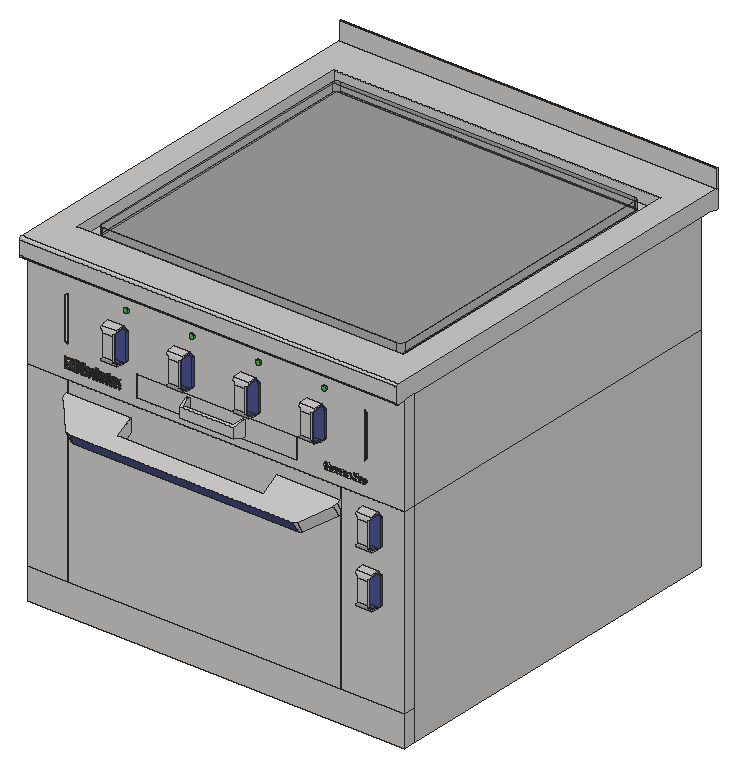
Revit family "QF_ELECTROLUXPROFESSIONAL_588696_MBTGGBH8AO", category Attrezzature speciali, Revit 2020
Family settings
  Quota connettore circolare = Usa diametro
  Tipo di parte = Normale
  Basato su piano di lavoro = No
  Sempre verticale = Sì
  Taglio con vuoti quando caricato = No
  Condiviso = No
  Punto di calcolo locali = No
Parameters (values of type "Standard")
  Weight = 223.00 kg
  Watts = 17300 W
  Volts = 400 V
  URL Manufacturer = "https://www.electroluxprofessional.com/"
  URL = "https://www.electroluxprofessional.com/"
  Steam Supply Size = 0"
  Steam Supply Minimum Pressure = 0.00 psi
  Steam Supply Maximum Pressure = 0.00 psi
  Steam Consumption per Hour = 0
  Refrigeration Suction Line Size = 0 mm
  Refrigeration Liquid Line Size = 0 mm
  Refrigerant Compressor Remote = yes
  Prospetto di default = 0 mm
  Phase = 3
  Modello = "MBTGGBH8AO"
  Produttore = "Electrolux Professional"
  Length Actual = 800 mm  # constant formula
  Item Number = "588696"
  Hot Water Size = 0"
  Height Actual = 700 mm  # constant formula
  HP = "23.2 HP"
  Gas Size = 0"
  Gas KW = 0
  Gas Input Pressure = 0.0 Btu/h
  Direct Waste Size = 0"
  Descrizione = "EL.FREE COOK.ST.OVEN,1S,BS,800X850X700H"
  Depth Actual = 850 mm  # constant formula
  Cycle = 50 Hz
  Condensate Return Size = 0"
  Compressed Air Volume = 0 GPM
  Compressed Air Size = 0"
  Compressed Air Pressure = 0.00 psi
  Cold Water Size = 0"
  Accessory = yes
Reference planes
  plane 1 "BACK": y = 50
  plane 2: z = 0
  plane 3 "LEFT": x = 0
  plane 4 "RIGHT": x = 800
  plane 5 "FRONT": y = -800
  plane 6 "TOP": z = 900
  plane 7 "Center (Left/Right)": x = 400
  plane 8: y = -375
  plane 9: z = 200
  plane 10: y = -150
  plane 11 "Panel": y = -755
  plane 12: z = 798
  plane 13: z = 1327
  plane 14: x = 78
  plane 15: x = 722
  plane 16: y = -100
  plane 17: y = -600
  plane 18 "EIx": x = 755
  plane 19 "EIy": y = -585
Forms (mm)
  Extrusion 1, solid, material "QF_Finishes_Stainless Steel"
    sketch origin (-178.969, -4572, 200) x (-1, 0, 0) y (0, -1, 0)
      loop
        line (-178.969, -4577) -> (-178.969, -3817) -> (-978.969, -3817) -> (-978.969, -4577) -> (-178.969, -4577)
    from 450 to 662.969
  Extrusion 2, solid, material "QF_Finishes_Stainless Steel"
    sketch origin (0, 0, 0) x (0, 1, 0) y (0, 0, 1)
      loop
        line (-755, 200) -> (-755, 265) -> (-780, 265) -> (-780, 200) -> (-755, 200)
    from 0 to 800
  Extrusion 3, solid, material "QF_Finishes_Stainless Steel"
    sketch origin (-588.969, -4562, 200) x (-1, 0, 0) y (0, -1, 0)
      loop
        circle (-1343.969, -3977) r 6.35
    from 0 to -11.851
  Extrusion 4, solid, material "QF_Finishes_Stainless Steel"
    sketch origin (400, 296.4, 1219.2) x (0, 1, 0) y (0, 0, 1)
      loop
        line (-246.4, -319.2) -> (-1091.4, -319.2)
        arc (-1091.4, -319.2) -> (-1094.935, -320.664) -> (-1096.4, -324.2) r 5
        line (-1096.4, -324.2) -> (-1096.4, -355.2)
        arc (-1096.4, -355.2) -> (-1094.971, -358.264) -> (-1091.705, -359.139) r 4
        line (-1091.705, -359.139) -> (-1076.4, -356.231) -> (-266.4, -356.231) -> (-251.094, -359.139)
        arc (-251.094, -359.139) -> (-247.829, -358.264) -> (-246.4, -355.2) r 4
        line (-246.4, -355.2) -> (-246.4, -319.2)
    from -400 to 400
  Extrusion 5, solid, material "QF_Finishes_Electrolux_Black Smoke Iluminated"
    sketch origin (0, 0, 900) x (-1, 0, 0) y (0, -1, 0)
      loop
        arc (-88, 59) -> (-80.929, 61.929) -> (-78, 69) r 10
        line (-78, 69) -> (-78, 680)
        arc (-78, 680) -> (-80.929, 687.071) -> (-88, 690) r 10
        line (-88, 690) -> (-712, 690)
        arc (-712, 690) -> (-719.071, 687.071) -> (-722, 680) r 10
        line (-722, 680) -> (-722, 69)
        arc (-722, 69) -> (-719.071, 61.929) -> (-712, 59) r 10
        line (-712, 59) -> (-88, 59)
    from 0 to -20
  Extrusion 6, solid, material "QF_Finishes_Stainless Steel"
    sketch origin (-178.969, -4572, 200) x (-1, 0, 0) y (0, -1, 0)
      loop
        line (-178.969, -4577) -> (-178.969, -3817) -> (-978.969, -3817) -> (-978.969, -4577) -> (-178.969, -4577)
    from 450 to 0
  Extrusion 7, void
    sketch origin (0, 0, 900) x (-1, 0, 0) y (0, -1, 0)
      loop
        line (-53, 715) -> (-747, 715) -> (-747, 34) -> (-53, 34) -> (-53, 715)
    from 0 to -25
  Extrusion 8, solid, material "QF_Finishes_Stainless Steel"
    sketch origin (0, 0, 900) x (-1, 0, 0) y (0, -1, 0)
      loop
        line (-82, 63) -> (-82, 686) -> (-718, 686) -> (-718, 63) -> (-82, 63)
    from -20 to -25
  Extrusion 9, solid, material "QF_Finishes_Stainless Steel"
    sketch origin (400, 296.4, 1219.2) x (0, 1, 0) y (0, 0, 1)
      loop
        line (-249.4, -319.2) -> (-246.4, -319.2) -> (-246.4, -281.2) -> (-249.4, -281.2) -> (-249.4, -319.2)
    from -400 to 400
  Extrusion 10, solid, material "QF_Finishes_Stainless Steel"
    sketch origin (0, 0, 150) x (0, 1, 0) y (0, 0, 1)
      loop
        line (-755, 50) -> (-755, 115) -> (-780, 115) -> (-780, 50) -> (-755, 50)
    from 0 to 800
Cuts and joins
  Extrusion 7 cuts Extrusion 4
Lines and regions (mm)
  symbolic lines
    curve 1: line (0, 50, 200) -> (800, 50, 200)
    curve 2: line (0, -800, 200) -> (0, 50, 200)
    curve 3: line (800, -800, 200) -> (0, -800, 200)
    curve 4: line (800, 50, 200) -> (800, -800, 200)
    curve 5: line (712, -59, 200) -> (88, -59, 200)
    curve 6: line (78, -69, 200) -> (78, -680, 200)
    curve 7: line (88, -690, 200) -> (712, -690, 200)
    curve 8: line (722, -680, 200) -> (722, -69, 200)
    curve 9: arc (88, -59, 200) -> (80.929, -61.929, 200) -> (78, -69, 200) r 10
    curve 10: arc (722, -69, 200) -> (719.071, -61.929, 200) -> (712, -59, 200) r 10
    curve 11: arc (712, -690, 200) -> (719.071, -687.071, 200) -> (722, -680, 200) r 10
    curve 12: arc (78, -680, 200) -> (80.929, -687.071, 200) -> (88, -690, 200) r 10
    curve 13: line (747, -34, 900) -> (53, -34, 900)
    curve 14: line (53, -34, 900) -> (53, -715, 900)
    curve 15: line (747, -715, 900) -> (747, -34, 900)
    curve 16: line (53, -715, 900) -> (747, -715, 900)
    curve 17: line (0, 47, 0) -> (800, 47, 0)
Dimensions and locks
  plane 3 "LEFT" to plane 4 "RIGHT" = 800 mm
  plane 5 "FRONT" to plane 1 "BACK" = 850 mm
  equal spacing: plane 3 "LEFT", plane 7 "Center (Left/Right)", plane 4 "RIGHT"
  equal spacing: plane 5 "FRONT", plane 8, plane 1 "BACK"
  plane 6 "TOP" to level = 900 mm  (x2)
  plane 9 to level = 200 mm
  plane 1 "BACK" to plane 10 to plane 11 "Panel" = 200 mm, 605 mm  (x2)
  plane 6 "TOP" to plane 9 to level = 700 mm, 200 mm
  plane 1 "BACK" to plane 5 "FRONT" = 850 mm
  plane 1 "BACK" to Extrusion 3 = 635 mm
  plane 12 to plane 9 = 598 mm
  plane 13 to plane 6 "TOP" = 427 mm
  plane 6 "TOP" to plane 12 = 102 mm
  plane 14 to plane 3 "LEFT" = 78 mm
  plane 15 to plane 4 "RIGHT" = 78 mm
  locked: plane 1 "BACK" to plane 16 at 150
  locked: plane 16 to plane 17 at 500
  plane 11 "Panel" to plane 5 "FRONT" = 45 mm
  plane 18 "EIx" to plane 4 "RIGHT" = 45 mm
  plane 19 "EIy" to plane 1 "BACK" = 635 mm
  aligned and locked: level to plane 2
  aligned and locked: Extrusion 2 to plane 4 "RIGHT"
  aligned and locked: plane 3 "LEFT" to nested 1
  aligned and locked: nested 1 to nested 4
Automatic sketch dimensions
  Extrusion 3 sketch curve to plane 18 "EIx" = 0 mm
  Extrusion 3 sketch curve to plane 19 "EIy" = 0 mm
  Extrusion 4 sketch curve to plane 5 "FRONT" = 0 mm
  Extrusion 4 sketch curve to plane 6 "TOP" = 0 mm
  Extrusion 4 sketch curve to plane 1 "BACK" = 0 mm
  Extrusion 4 sketch curve to plane 5 "FRONT" = 4 mm
  Extrusion 4 sketch curve to Extrusion 4 sketch curve = 0.695 mm
  Extrusion 4 sketch curve to plane 5 "FRONT" = 5 mm
  Extrusion 4 sketch curve to Extrusion 4 sketch curve = 15.305 mm
  plane 1 "BACK" to Extrusion 4 sketch curve = 20 mm
  plane 1 "BACK" to Extrusion 4 sketch curve = 4.695 mm
  Extrusion 4 sketch curve to Extrusion 4 sketch curve = 4 mm
  Extrusion 4 sketch curve to Extrusion 4 sketch curve = 31 mm
  Extrusion 4 sketch curve to plane 6 "TOP" = 36 mm
  Extrusion 4 sketch curve to Extrusion 4 sketch curve = 2.909 mm
  Extrusion 5 sketch curve to plane 15 = 0 mm
  Extrusion 5 sketch curve to plane 14 = 0 mm
  plane 15 to Extrusion 5 sketch curve = 10 mm  (x2)
  Extrusion 5 sketch curve to Extrusion 5 sketch curve = 10 mm  (x2)
  plane 10 to Extrusion 5 sketch curve = 91 mm
  plane 17 to Extrusion 5 sketch curve = 80 mm
  plane 18 "EIx" to Extrusion 7 sketch curve = 8 mm
  plane 14 to Extrusion 7 sketch curve = 25 mm
  plane 10 to Extrusion 7 sketch curve = 116 mm
  plane 11 "Panel" to Extrusion 7 sketch curve = 40 mm
  Extrusion 8 sketch curve to plane 14 = 4 mm
  plane 15 to Extrusion 8 sketch curve = 4 mm
  plane 17 to Extrusion 8 sketch curve = 86 mm
  plane 10 to Extrusion 8 sketch curve = 87 mm
  plane 18 "EIx" to curve 13 = 8 mm
  plane 14 to curve 14 = 25 mm
  plane 10 to curve 13 = 116 mm
  plane 11 "Panel" to curve 16 = 40 mm
  Extrusion 9 sketch curve to plane 6 "TOP" = 0 mm
  Extrusion 9 sketch curve to plane 1 "BACK" = 0 mm
  Extrusion 9 sketch curve to Extrusion 9 sketch curve = 3 mm
  Extrusion 9 sketch curve to Extrusion 9 sketch curve = 38 mm
  Extrusion 1 sketch curve to plane 4 "RIGHT" = 0 mm
  Extrusion 1 sketch curve to plane 3 "LEFT" = 0 mm
  Extrusion 1 sketch curve to plane 11 "Panel" = 0 mm
  plane 1 "BACK" to Extrusion 1 sketch curve = 45 mm
  Extrusion 2 sketch curve to plane 9 = 0 mm
  Extrusion 2 sketch curve to plane 11 "Panel" = 0 mm
  Extrusion 2 sketch curve to plane 5 "FRONT" = 20 mm
  plane 9 to Extrusion 2 sketch curve = 65 mm
  plane 1 "BACK" to curve 1 = 0 mm
  curve 1 to plane 4 "RIGHT" = 0 mm
  curve 8 to plane 15 = 0 mm
  curve 6 to plane 14 = 0 mm
  curve 2 to plane 3 "LEFT" = 0 mm
  plane 5 "FRONT" to curve 3 = 0 mm
  plane 15 to curve 5 = 10 mm
  curve 11 to curve 11 = 10 mm
  curve 5 to plane 14 = 10 mm
  curve 12 to curve 6 = 10 mm
  plane 10 to curve 5 = 91 mm
  plane 17 to curve 11 = 80 mm
  Extrusion 6 sketch curve to plane 4 "RIGHT" = 0 mm
  Extrusion 6 sketch curve to plane 3 "LEFT" = 0 mm
  Extrusion 6 sketch curve to plane 11 "Panel" = 0 mm
  plane 1 "BACK" to Extrusion 6 sketch curve = 45 mm
  Extrusion 10 sketch curve to plane 11 "Panel" = 0 mm
  Extrusion 10 sketch curve to plane 5 "FRONT" = 20 mm
  plane 9 to Extrusion 10 sketch curve = 0 mm
  Extrusion 10 sketch curve to Extrusion 10 sketch curve = 65 mm
  radius of Extrusion 3 sketch curve = 6.35 mm
Nested families
  nested 1: "Door_Panel_W800_A" at (300, -755, 0), type "Door_Panel_W800_A"
  nested 2: "FIT Range Control Handle" at (730, -783.167, -372.751), type "FIT Range Control Handle"
  nested 3: "FIT Range Control Handle" at (730, -783.167, -484.751), type "FIT Range Control Handle"
  nested 4: "Front_Panel_W800_Four Knobs_Spie" at (202.376, -755, 0), type "Front_Panel_W800_Four Knobs_Spie"
Connectors
  electrical at (755, -585, 188.149)
    settings: on Extrusion 3, index 1, voltage 400 V, apparent load 33000 VA, apparent load phase1 0 VA, apparent load phase2 0 VA, apparent load phase3 0 VA, power factor 1, load classification "Other", number of poles 1, system type 30, power factor state 1, is connector primary yes, connector utility no, sub classification motor no, connector description "ELECTRICAL CONNECTION"
Definition of nested family "Door_Panel_W800_A"
  Parameters
    Default Elevation = 0 mm
  Reference planes
    plane 1 "Center (Front/Back)": y = 0
    plane 2 "Ref. Level": z = 0
    plane 3: x = 500
    plane 4: x = -300
    plane 5 "Center (Left/Right)": x = 100
    plane 6: x = -215
    plane 7: x = 365
    plane 8 "Manopola": through (-6096, -50.059, 612.389) normal (0, -0.515, 0.8572)
    plane 9 "Top": z = 650
    plane 10: z = 265
    plane 11: z = 200
  Forms (mm)
    Extrusion 1, solid
      sketch origin (100, 0, 0) x (0, 1, 0) y (0, 0, 1)
        loop
          line (-25.03, 650) -> (-25.03, 265) -> (0, 265) -> (0, 650) -> (-25.03, 650)
      from 265 to 400
    Extrusion 2, solid
      sketch origin (100, 0, 0) x (0, 1, 0) y (0, 0, 1)
        loop
          line (-25.03, 650) -> (-25.03, 265) -> (0, 265) -> (0, 650) -> (-25.03, 650)
      from -400 to -315
    Extrusion 3, solid
      sketch origin (100, 0, 0) x (0, 1, 0) y (0, 0, 1)
        loop
          line (-25.03, 650) -> (-25.03, 265) -> (0, 265) -> (0, 650) -> (-25.03, 650)
      from -315 to 265
    Extrusion 4, solid
      sketch origin (0, -283.633, 472.044) x (0, 0.857167, 0.515038) y (-1, 0, 0)
        loop
          line (299.12, -365) -> (299.12, 215) -> (290.982, 215)
          arc (290.982, 215) -> (286.677, 214.026) -> (283.211, 211.293) r 10
          line (283.211, 211.293) -> (233.28, 170.86)
          arc (233.28, 170.86) -> (230.548, 167.394) -> (229.574, 163.089) r 10
          line (229.574, 163.089) -> (229.574, -313.089)
          arc (229.574, -313.089) -> (230.548, -317.394) -> (233.28, -320.86) r 10
          line (233.28, -320.86) -> (283.211, -361.293)
          arc (283.211, -361.293) -> (286.677, -364.026) -> (290.982, -365) r 10
          line (290.982, -365) -> (299.12, -365)
      from -27 to 0
    Extrusion 5, void
      sketch origin (100, 0, 0) x (0, 1, 0) y (0, 0, 1)
        loop
          line (-61.514, 605.507) -> (-47.608, 582.363) -> (-25.03, 595.93) -> (-25.03, 627.429) -> (-61.514, 605.507)
      from -180 to 130
    Extrusion 6, solid, detail levels coarse
      sketch origin (100, 0, 0) x (0, 1, 0) y (0, 0, 1)
        loop
          line (-25.03, 265) -> (-25.03, 650)
          arc (-25.03, 650) -> (-297.266, 537.236) -> (-410.03, 265) r 385
          line (-410.03, 265) -> (-25.03, 265)
      from -315 to 265
  Cuts and joins
    Extrusion 5 cuts Extrusion 4
    joined: Extrusion 3, Extrusion 4
  Lines and regions (mm)
    symbolic lines
      curve 1: line (-207.355, -45.043, 0) -> (-170.86, -83.673, 0)
      curve 2: line (-163.089, -86.85, 0) -> (313.089, -86.85, 0)
      curve 3: line (320.86, -83.673, 0) -> (357.355, -45.043, 0)
      curve 4: arc (-163.089, -86.85, 0) -> (-167.318, -86.101, 0) -> (-170.86, -83.673, 0) r 10.165
      curve 5: arc (313.089, -86.85, 0) -> (317.318, -86.101, 0) -> (320.86, -83.673, 0) r 10.165
      curve 6: line (-215, -45.043, 0) -> (-215, -410.03, 0)
      curve 7: line (-215, -410.03, 0) -> (365, -410.03, 0)
      curve 8: line (365, -410.03, 0) -> (365, -45.03, 0)
  Dimensions and locks
    plane 3 to plane 4 = 800 mm
    plane 4 to plane 3 = 800 mm
    equal spacing: plane 3, plane 5 "Center (Left/Right)", plane 4
    plane 6 to plane 4 = 85 mm
    plane 3 to plane 7 = 135 mm
    plane 11 to level = 200 mm
    plane 10 to plane 11 = 65 mm
    plane 10 to plane 9 "Top" = 385 mm
    plane 9 "Top" to plane 11 = 450 mm
    aligned and locked: plane 3 to Extrusion 1
    aligned and locked: cut or joined group of Extrusion 3, Extrusion 4, Extrusion 5 to plane 6
    aligned and locked: cut or joined group of Extrusion 3, Extrusion 4, Extrusion 5 to plane 7
    aligned and locked: plane 7 to Extrusion 1
    aligned and locked: plane 6 to Extrusion 2
    aligned and locked: Extrusion 2 to plane 4
    aligned and locked: plane 10 to Extrusion 2
    aligned and locked: plane 10 to cut or joined group of Extrusion 3, Extrusion 4, Extrusion 5
    aligned and locked: plane 10 to Extrusion 1
    aligned and locked: Extrusion 6 to plane 6
    aligned and locked: Extrusion 6 to plane 7
  Automatic sketch dimensions
    Extrusion 5 sketch curve to plane 8 "Manopola" = 0 mm  (x2)
    plane 1 "Center (Front/Back)" to Extrusion 5 sketch curve = 61.514 mm
    Extrusion 5 sketch curve to Extrusion 5 sketch curve = 13.906 mm
    plane 1 "Center (Front/Back)" to Extrusion 5 sketch curve = 25.03 mm
    Extrusion 4 sketch curve to plane 7 = 0 mm
    Extrusion 4 sketch curve to plane 6 = 0 mm
    plane 6 to Extrusion 4 sketch curve = 51.911 mm
    plane 7 to Extrusion 4 sketch curve = 44.14 mm
    Extrusion 4 sketch curve to Extrusion 4 sketch curve = 3.707 mm  (x2)
    plane 6 to Extrusion 4 sketch curve = 44.14 mm
    plane 7 to Extrusion 4 sketch curve = 3.707 mm
    Extrusion 4 sketch curve to Extrusion 4 sketch curve = 49.93 mm  (x2)
    plane 6 to Extrusion 4 sketch curve = 3.707 mm
    Extrusion 4 sketch curve to Extrusion 4 sketch curve = 7.771 mm  (x3)
    Extrusion 4 sketch curve to Extrusion 4 sketch curve = 8.138 mm
    Extrusion 2 sketch curve to plane 1 "Center (Front/Back)" = 0 mm
    Extrusion 3 sketch curve to plane 1 "Center (Front/Back)" = 0 mm
    Extrusion 1 sketch curve to plane 1 "Center (Front/Back)" = 0 mm
    Extrusion 2 sketch curve to plane 9 "Top" = 0 mm
    Extrusion 2 sketch curve to Extrusion 2 sketch curve = 25.03 mm
    Extrusion 3 sketch curve to plane 9 "Top" = 0 mm
    Extrusion 3 sketch curve to Extrusion 3 sketch curve = 25.03 mm
    Extrusion 1 sketch curve to plane 9 "Top" = 0 mm
    plane 1 "Center (Front/Back)" to Extrusion 1 sketch curve = 25.03 mm
    level to Extrusion 1 sketch curve = 265 mm
    level to Extrusion 2 sketch curve = 265 mm
    level to Extrusion 3 sketch curve = 265 mm
    plane 10 to Extrusion 6 sketch curve = 0 mm
    Extrusion 6 sketch curve to plane 9 "Top" = 0 mm
    plane 1 "Center (Front/Back)" to Extrusion 6 sketch curve = 25.03 mm
    curve 7 to plane 7 = 0 mm
    plane 6 to curve 1 = 44.14 mm
    curve 4 to curve 4 = 7.389 mm
    curve 4 to curve 2 = 7.771 mm
    plane 7 to curve 2 = 51.911 mm
    curve 2 to curve 5 = 0.382 mm
    curve 2 to curve 3 = 7.771 mm
    plane 1 "Center (Front/Back)" to curve 6 = 410.03 mm
    plane 1 "Center (Front/Back)" to curve 2 = 86.85 mm
    curve 2 to curve 3 = 3.177 mm
    curve 2 to curve 1 = 3.177 mm
    plane 7 to curve 3 = 7.645 mm
    plane 1 "Center (Front/Back)" to curve 3 = 45.043 mm
    curve 3 to curve 8 = 0.013 mm
    curve 7 to plane 6 = 0 mm
    curve 6 to curve 1 = 7.645 mm
    plane 1 "Center (Front/Back)" to curve 1 = 45.043 mm
    curve 6 to curve 1 = 0 mm
Definition of nested family "FIT Range Control Handle"
  Parameters
    Default Elevation = 0 mm
  Reference planes
    plane 1 "Center (Front/Back)": y = 0
    plane 2: z = 0
    plane 3 "Center (Left/Right)": x = 0
    plane 4: z = 971.092
    plane 5: y = -16.8
  Forms (mm)
    Extrusion 1, solid
      sketch origin (-746.28, 380.497, 208.931) x (-1, 0, 0) y (0, 0, 1)
        loop
          line (-770.101, 786.798) -> (-770.101, 731.649)
          arc (-770.101, 731.649) -> (-769.759, 730.563) -> (-768.855, 729.87) r 1.893
          line (-768.855, 729.87) -> (-763.474, 727.911) -> (-729.81, 727.911) -> (-724.428, 729.87)
          arc (-724.428, 729.87) -> (-723.525, 730.563) -> (-723.183, 731.649) r 1.893
          line (-723.183, 731.649) -> (-723.183, 786.798)
          arc (-723.183, 786.798) -> (-723.529, 787.894) -> (-724.44, 788.593) r 1.91
          line (-724.44, 788.593) -> (-729.683, 790.819) -> (-763.601, 790.819) -> (-768.844, 788.593)
          arc (-768.844, 788.593) -> (-769.755, 787.894) -> (-770.101, 786.798) r 1.91
      from -382.35 to -378.852
    Sweep 2, solid
      path origin (-746.788, 380.496, 208.091) x (0, -1, 0) y (0, 0, 1)
        loop
          line (379.775, 793.281) -> (395.661, 791.048)
          arc (395.661, 791.048) -> (397.781, 787.377) -> (398.517, 783.202) r 12.207
          line (398.517, 783.202) -> (398.517, 737.368)
          arc (398.517, 737.368) -> (397.781, 733.193) -> (395.661, 729.522) r 12.207
          line (395.661, 729.522) -> (379.775, 727.289)
      profile origin (-746.788, -7.222, 1000.256) x (0, -0.139173, 0.990268) y (-1, 0, 0)
        loop
          line (0.782, -763.123) -> (0.782, -730.907) -> (-1.322, -730.907) -> (-1.322, -763.123) -> (0.782, -763.123)
    Sweep 3, solid
      path origin (-746.788, 380.715, 207.832) x (0, -1, 0) y (0, 0, 1)
        loop
          line (380.478, 795.442) -> (397.218, 793.09)
          arc (397.218, 793.09) -> (399.929, 788.473) -> (400.871, 783.202) r 15.207
          line (400.871, 783.202) -> (400.871, 737.584)
          arc (400.871, 737.584) -> (399.914, 732.274) -> (397.164, 727.633) r 15.207
          line (397.164, 727.633) -> (380.601, 725.305)
      profile origin (-746.788, -8.132, 1002.099) x (0, -0.139173, 0.990268) y (-1, 0, 0)
        loop
          line (0.782, -763.123) -> (0.782, -730.907) -> (-1.322, -730.907) -> (-1.322, -763.123) -> (0.782, -763.123)
    Extrusion 4, void
      sketch origin (889.253, 220.666, 207.993) x (1, 0, 0) y (0, 0, 1)
        loop
          line (-943.038, 816.854) -> (-943.038, 703.686) -> (-899.466, 734.196) -> (-899.466, 786.344) -> (-943.038, 816.854)
      from 230.636 to 242.25
    Extrusion 5, void
      sketch origin (-888.8, 220.666, 207.993) x (-1, 0, 0) y (0, 0, -1)
        loop
          line (-943.038, -816.854) -> (-899.466, -786.344) -> (-899.466, -734.196) -> (-943.038, -703.686) -> (-943.038, -816.854)
      from 230.636 to 242.25
    Extrusion 6, solid
      sketch origin (0, 0, 0) x (1, 0, 0) y (0, 0, 1)
        loop
          circle (0, 971.092) r 7.736
      from -3.137 to -1.645
  Cuts and joins
    Extrusion 4, Extrusion 5 cuts Sweep 3
    Extrusion 4, Extrusion 5 cuts Sweep 2
    joined: Extrusion 1, Extrusion 6
  Lines and regions (mm)
    symbolic lines
      curve 1: line (-15.881, -19.189, 0) -> (-15.881, -16.8, 0)
      curve 2: line (16.334, -19.189, 0) -> (16.334, -16.8, 0)
      curve 3: spline (-15.881, -19.189, 0) -> (-15.417, -19.349, 0) -> (-14.951, -19.501, 0) -> (-14.483, -19.646, 0) -> (-14.014, -19.783, 0) -> (-13.543, -19.912, 0) -> (-13.071, -20.033, 0) -> (-12.597, -20.146, 0) -> (-12.122, -20.251, 0) -> (-11.646, -20.349, 0) -> (-11.169, -20.438, 0) -> (-10.691, -20.52, 0) -> (-10.213, -20.593, 0)
      curve 4: spline (10.666, -20.593, 0) -> (11.144, -20.52, 0) -> (11.622, -20.438, 0) -> (12.099, -20.349, 0) -> (12.575, -20.251, 0) -> (13.05, -20.146, 0) -> (13.524, -20.033, 0) -> (13.996, -19.912, 0) -> (14.467, -19.783, 0) -> (14.936, -19.646, 0) -> (15.404, -19.501, 0) -> (15.87, -19.349, 0) -> (16.334, -19.189, 0)
      curve 5: line (-10.213, -20.938, 0) -> (10.716, -20.938, 0)
  Dimensions and locks
    cut or joined group of Sweep 3, Extrusion 4, Extrusion 5 to cut or joined group of Sweep 3, Extrusion 4, Extrusion 5 = 71.686 mm
Definition of nested family "Front_Panel_W800_Four Knobs_Spie"
  Parameters
    Default Elevation = 0 mm
  Reference planes
    plane 1 "Center (Front/Back)": y = 0
    plane 2: z = 0
    plane 3 "Center (Left/Right)": x = 197.624
    plane 4 "Left": x = -202.376
    plane 5 "Right": x = 597.624
    plane 6: y = -45
    plane 7: x = -12.376
    plane 8: x = 127.624
    plane 9: y = -310
    plane 10 "Panel": y = -25
    plane 11: x = 517.624
    plane 12: x = -122.376
  Forms (mm)
    Extrusion 1, solid
      sketch origin (833.217, 829.203, -1.25) x (0, 1, 0) y (0, 0, 1)
        loop
          line (-854.203, 651.25) -> (-829.203, 651.25) -> (-829.203, 864.25) -> (-854.203, 864.25) -> (-854.203, 651.25)
      from -1035.593 to -235.593
    Extrusion 2, void
      sketch origin (0, -25, -10) x (0, 0, 1) y (-1, 0, 0)
        loop
          line (731.866, 122.376) -> (726.866, 117.376) -> (823.866, 117.376) -> (818.866, 122.376) -> (731.866, 122.376)
        loop
          line (731.866, -517.624) -> (818.866, -517.624) -> (823.866, -512.624) -> (726.866, -512.624) -> (731.866, -517.624)
      from 0 to -2
    Extrusion 3, void
      sketch origin (0, 0, 0) x (1, 0, 0) y (0, 0, 1)
        loop
          line (30.124, 711.866) -> (30.124, 666.866) -> (370.124, 666.866) -> (370.124, 711.866) -> (30.124, 711.866)
      from 19.387 to 25
    Extrusion 4, solid
      sketch origin (0, 0, 0) x (1, 0, 0) y (0, 0, 1)
        loop
          line (31.124, 710.866) -> (31.124, 667.866) -> (369.124, 667.866) -> (369.124, 710.866) -> (31.124, 710.866)
      from 19.387 to 25
    Extrusion 5, solid
      sketch origin (0, 0, 0) x (1, 0, 0) y (0, 1, 0)
        loop
          line (141.059, -25) -> (135.966, -25) -> (140.646, -49.075) -> (254.603, -49.075) -> (259.283, -25) -> (254.189, -25) -> (250.481, -44.075) -> (144.767, -44.075) -> (141.059, -25)
      from 672.593 to 705.67
    Extrusion 6, void
      sketch origin (197.624, 0, 0) x (0, 1, 0) y (0, 0, 1)
        loop
          line (-30, 705.67) -> (-30, 710.67) -> (-56.744, 710.67) -> (-56.744, 667.593) -> (-30, 667.593) -> (-30, 672.593) -> (-53.776, 680.318) -> (-53.776, 697.945) -> (-30, 705.67)
      from -70 to 70
    Extrusion 7, solid, detail levels coarse
      sketch origin (0, -265, 0) x (1, 0, 0) y (0, 1, 0)
        loop
          line (140.646, -69.075) -> (254.603, -69.075) -> (259.283, -45) -> (364.124, -45) -> (364.124, 240) -> (31.124, 240) -> (31.124, -45) -> (135.966, -45) -> (140.646, -69.075)
      from 672.593 to 705.67
    Extrusion 8, void
      sketch origin (197.624, -280, 0) x (0, 1, 0) y (0, 0, 1)
        loop
          line (-30, 705.67) -> (-30, 710.67) -> (-56.744, 710.67) -> (-56.744, 667.593) -> (-30, 667.593) -> (-30, 672.593) -> (-53.776, 680.318) -> (-53.776, 697.945) -> (-30, 705.67)
      from -70 to 70
    Extrusion 9, solid
      sketch origin (20, -25, 1.163) x (0, 0, 1) y (-1, 0, 0)
        loop
          circle (824.337, 12.376) r 5
      from 0 to 1.7
    Extrusion 10, solid
      sketch origin (160, -25, 1.163) x (0, 0, 1) y (-1, 0, 0)
        loop
          circle (824.337, 12.376) r 5
      from 0 to 1.7
    Extrusion 11, solid
      sketch origin (300.724, -25, 1.163) x (0, 0, 1) y (-1, 0, 0)
        loop
          circle (824.337, 12.376) r 5
      from 0 to 1.7
    Extrusion 12, solid
      sketch origin (440.724, -25, 1.163) x (0, 0, 1) y (-1, 0, 0)
        loop
          circle (824.337, 12.376) r 5
      from 0 to 1.7
    Extrusion 13, solid
      sketch origin (0, -25, -10) x (0, 0, 1) y (-1, 0, 0)
        loop
          line (731.866, 122.376) -> (726.866, 117.376) -> (823.866, 117.376) -> (818.866, 122.376) -> (731.866, 122.376)
        loop
          line (726.866, -512.624) -> (731.866, -517.624) -> (818.866, -517.624) -> (823.866, -512.624) -> (726.866, -512.624)
      from 0 to -2
  Cuts and joins
    Extrusion 2, Extrusion 3 cuts Extrusion 1
    Extrusion 6, Extrusion 8 cuts Extrusion 5
    Extrusion 8 cuts Extrusion 7
  Lines and regions (mm)
    symbolic lines
      curve 1: line (31.124, -45, 0) -> (31.124, -310, 0)
      curve 2: line (31.124, -310, 0) -> (364.124, -310, 0)
      curve 3: line (135.966, -310, 0) -> (140.646, -334.075, 0)
      curve 4: line (140.646, -334.075, 0) -> (254.603, -334.075, 0)
      curve 5: line (254.603, -334.075, 0) -> (259.283, -310, 0)
      curve 6: line (364.124, -310, 0) -> (364.124, -45, 0)
      curve 7: line (31.124, -300, 0) -> (364.124, -300, 0)
      curve 8: line (140.874, -309.046, 0) -> (144.767, -329.075, 0)
      curve 9: line (144.767, -329.075, 0) -> (250.481, -329.075, 0)
      curve 10: line (250.481, -329.075, 0) -> (254.375, -309.046, 0)
  Dimensions and locks
    equal spacing: plane 5 "Right", plane 3 "Center (Left/Right)", plane 4 "Left"
    plane 5 "Right" to plane 4 "Left" = 800 mm
    plane 3 "Center (Left/Right)" to plane 7 = 210 mm
    plane 3 "Center (Left/Right)" to plane 8 = 70 mm
    plane 6 to plane 9 = 265 mm
    aligned and locked: cut or joined group of Extrusion 1, Extrusion 2, Extrusion 3 to plane 4 "Left"
    aligned and locked: plane 5 "Right" to cut or joined group of Extrusion 1, Extrusion 2, Extrusion 3
  Automatic sketch dimensions
    plane 6 to curve 1 = 0 mm
    curve 1 to plane 9 = 0 mm
    plane 6 to curve 6 = 0 mm
    plane 7 to curve 1 = 43.5 mm
    plane 8 to curve 3 = 13.021 mm
    curve 3 to curve 8 = 4.122 mm
    curve 10 to plane 9 = 19.075 mm
    plane 3 "Center (Left/Right)" to curve 10 = 52.857 mm
    curve 5 to plane 9 = 24.075 mm
    curve 9 to curve 5 = 4.122 mm
    curve 4 to curve 2 = 109.521 mm
    plane 8 to curve 3 = 8.342 mm
    plane 9 to curve 8 = 0.954 mm
    curve 3 to curve 8 = 4.908 mm
    plane 9 to curve 10 = 0.954 mm
    curve 9 to curve 10 = 3.893 mm
    curve 10 to curve 5 = 4.908 mm
    plane 9 to curve 7 = 10 mm
    Extrusion 1 sketch curve to plane 10 "Panel" = 0 mm
    Extrusion 1 sketch curve to plane 1 "Center (Front/Back)" = 0 mm
    Extrusion 2 sketch curve to plane 12 = 0 mm
    Extrusion 2 sketch curve to plane 11 = 0 mm
    Extrusion 2 sketch curve to plane 11 = 5 mm
    plane 12 to Extrusion 2 sketch curve = 5 mm
    Extrusion 2 sketch curve to Extrusion 2 sketch curve = 5 mm  (x4)
    plane 7 to Extrusion 3 sketch curve = 42.5 mm
    Extrusion 3 sketch curve to plane 11 = 147.5 mm
    Extrusion 3 sketch curve to Extrusion 3 sketch curve = 45 mm
    plane 7 to Extrusion 4 sketch curve = 43.5 mm
    Extrusion 4 sketch curve to plane 11 = 148.5 mm
    Extrusion 4 sketch curve to Extrusion 4 sketch curve = 43 mm
    plane 10 "Panel" to Extrusion 5 sketch curve = 0 mm  (x2)
    plane 8 to Extrusion 5 sketch curve = 8.342 mm
    plane 6 to Extrusion 5 sketch curve = 4.075 mm
    plane 8 to Extrusion 5 sketch curve = 13.021 mm
    Extrusion 5 sketch curve to Extrusion 5 sketch curve = 5.094 mm  (x2)
    Extrusion 5 sketch curve to plane 6 = 0.925 mm
    Extrusion 5 sketch curve to Extrusion 5 sketch curve = 4.122 mm  (x2)
    plane 3 "Center (Left/Right)" to Extrusion 5 sketch curve = 52.857 mm
    Extrusion 5 sketch curve to Extrusion 5 sketch curve = 3.708 mm
    plane 6 to Extrusion 6 sketch curve = 11.744 mm
    plane 6 to Extrusion 6 sketch curve = 8.776 mm
    plane 10 "Panel" to Extrusion 6 sketch curve = 5 mm  (x2)
    Extrusion 6 sketch curve to Extrusion 6 sketch curve = 5 mm
    Extrusion 6 sketch curve to Extrusion 6 sketch curve = 12.725 mm  (x2)
    Extrusion 6 sketch curve to Extrusion 6 sketch curve = 17.627 mm
    Extrusion 6 sketch curve to Extrusion 6 sketch curve = 7.725 mm
    plane 10 "Panel" to Extrusion 7 sketch curve = 0 mm
    Extrusion 7 sketch curve to plane 9 = 0 mm  (x2)
    plane 7 to Extrusion 7 sketch curve = 43.5 mm
    plane 8 to Extrusion 7 sketch curve = 8.342 mm
    plane 8 to Extrusion 7 sketch curve = 13.021 mm
    Extrusion 7 sketch curve to plane 9 = 24.075 mm
    plane 3 "Center (Left/Right)" to Extrusion 7 sketch curve = 56.979 mm
    Extrusion 7 sketch curve to Extrusion 7 sketch curve = 4.68 mm
    Extrusion 7 sketch curve to Extrusion 7 sketch curve = 104.842 mm
    Extrusion 8 sketch curve to plane 9 = 26.744 mm
    Extrusion 8 sketch curve to plane 9 = 23.776 mm
    plane 9 to Extrusion 8 sketch curve = 0 mm  (x2)
    Extrusion 8 sketch curve to Extrusion 8 sketch curve = 5 mm
    Extrusion 8 sketch curve to Extrusion 8 sketch curve = 12.725 mm  (x2)
    Extrusion 8 sketch curve to Extrusion 8 sketch curve = 17.627 mm
    Extrusion 8 sketch curve to Extrusion 8 sketch curve = 7.725 mm
    plane 7 to Extrusion 9 sketch curve = 20 mm
    plane 8 to Extrusion 10 sketch curve = 20 mm
    plane 3 "Center (Left/Right)" to Extrusion 11 sketch curve = 90.724 mm
    Extrusion 12 sketch curve to plane 11 = 89.276 mm
    Extrusion 13 sketch curve to plane 12 = 0 mm
    Extrusion 13 sketch curve to plane 11 = 0 mm
    plane 12 to Extrusion 13 sketch curve = 5 mm
    Extrusion 13 sketch curve to Extrusion 13 sketch curve = 5 mm  (x4)
    Extrusion 13 sketch curve to plane 11 = 5 mm
    level to Extrusion 1 sketch curve = 650 mm
    Extrusion 1 sketch curve to Extrusion 1 sketch curve = 213 mm
    level to Extrusion 2 sketch curve = 716.866 mm
    Extrusion 2 sketch curve to Extrusion 2 sketch curve = 0 mm
    Extrusion 2 sketch curve to Extrusion 2 sketch curve = 87 mm  (x2)
    level to Extrusion 3 sketch curve = 666.866 mm
    level to Extrusion 4 sketch curve = 667.866 mm
    level to Extrusion 6 sketch curve = 667.593 mm
    level to Extrusion 8 sketch curve = 667.593 mm
    level to Extrusion 9 sketch curve = 825.5 mm
    level to Extrusion 10 sketch curve = 825.5 mm
    level to Extrusion 11 sketch curve = 825.5 mm
    level to Extrusion 12 sketch curve = 825.5 mm
    level to Extrusion 13 sketch curve = 716.866 mm
    Extrusion 13 sketch curve to Extrusion 13 sketch curve = 0 mm
    Extrusion 13 sketch curve to Extrusion 13 sketch curve = 87 mm  (x2)
    radius of Extrusion 9 sketch curve = 5 mm
    radius of Extrusion 10 sketch curve = 5 mm
    radius of Extrusion 11 sketch curve = 5 mm
    radius of Extrusion 12 sketch curve = 5 mm
  Nested families
    nested 1: "Range Control Handle" at (-12.376, -28.137, -209.113) x (-1, 0, 0) z (0, 0, 1), type "Range Control Handle"
    nested 2: "Range Control Handle" at (127.624, -28.137, -209.113) x (-1, 0, 0) z (0, 0, 1), type "Range Control Handle"
    nested 3: "Range Control Handle" at (407.624, -28.137, -209.113), type "Range Control Handle"
    nested 4: "Range Control Handle" at (267.624, -28.137, -209.113), type "Range Control Handle"
    nested 5: "ELX_ThermaLine_Small" at (468.838, -25, 679.426) x (1, 0, 0) z (0, -1, 0), type "ELX_ThermaLine_Small"
      with Show Logo yes, Material_Logo none
    nested 6: "ELX_Professional_Logo_Small" at (-62.89, -25, 681.659) x (1, 0, 0) z (0, -1, 0), type "ELX_Professional_Logo_Small"
      with Show Logo yes, Material_Logo none
  Definition of nested family "Range Control Handle"
    Parameters
      Default Elevation = 0 mm
    Reference planes
      plane 1 "Center (Front/Back)": y = 0
      plane 2: z = 0
      plane 3 "Center (Left/Right)": x = 0
      plane 4: z = 971.092
      plane 5: y = -16.9
    Forms (mm)
      Extrusion 1, solid
        sketch origin (-746.28, 380.497, 208.931) x (-1, 0, 0) y (0, 0, 1)
          loop
            line (-770.101, 786.798) -> (-770.101, 731.649)
            arc (-770.101, 731.649) -> (-769.759, 730.563) -> (-768.855, 729.87) r 1.893
            line (-768.855, 729.87) -> (-763.474, 727.911) -> (-729.81, 727.911) -> (-724.428, 729.87)
            arc (-724.428, 729.87) -> (-723.525, 730.563) -> (-723.183, 731.649) r 1.893
            line (-723.183, 731.649) -> (-723.183, 786.798)
            arc (-723.183, 786.798) -> (-723.529, 787.894) -> (-724.44, 788.593) r 1.91
            line (-724.44, 788.593) -> (-729.683, 790.819) -> (-763.601, 790.819) -> (-768.844, 788.593)
            arc (-768.844, 788.593) -> (-769.755, 787.894) -> (-770.101, 786.798) r 1.91
        from -382.35 to -378.852
      Sweep 2, solid
        path origin (-746.788, 380.496, 208.091) x (0, -1, 0) y (0, 0, 1)
          loop
            line (379.775, 793.281) -> (395.661, 791.048)
            arc (395.661, 791.048) -> (397.781, 787.377) -> (398.517, 783.202) r 12.207
            line (398.517, 783.202) -> (398.517, 737.368)
            arc (398.517, 737.368) -> (397.781, 733.193) -> (395.661, 729.522) r 12.207
            line (395.661, 729.522) -> (379.775, 727.289)
        profile origin (-746.788, -7.222, 1000.256) x (0, -0.139173, 0.990268) y (-1, 0, 0)
          loop
            line (0.782, -763.123) -> (0.782, -730.907) -> (-1.322, -730.907) -> (-1.322, -763.123) -> (0.782, -763.123)
      Sweep 3, solid
        path origin (-746.788, 380.715, 207.832) x (0, -1, 0) y (0, 0, 1)
          loop
            line (380.478, 795.442) -> (397.218, 793.09)
            arc (397.218, 793.09) -> (399.929, 788.473) -> (400.871, 783.202) r 15.207
            line (400.871, 783.202) -> (400.871, 737.584)
            arc (400.871, 737.584) -> (399.914, 732.274) -> (397.164, 727.633) r 15.207
            line (397.164, 727.633) -> (380.601, 725.305)
        profile origin (-746.788, -8.132, 1002.099) x (0, -0.139173, 0.990268) y (-1, 0, 0)
          loop
            line (0.782, -763.123) -> (0.782, -730.907) -> (-1.322, -730.907) -> (-1.322, -763.123) -> (0.782, -763.123)
      Extrusion 4, void
        sketch origin (889.253, 220.666, 207.993) x (1, 0, 0) y (0, 0, 1)
          loop
            line (-943.038, 816.854) -> (-943.038, 703.686) -> (-899.466, 734.196) -> (-899.466, 786.344) -> (-943.038, 816.854)
        from 230.636 to 242.25
      Extrusion 5, void
        sketch origin (-888.8, 220.666, 207.993) x (-1, 0, 0) y (0, 0, -1)
          loop
            line (-943.038, -816.854) -> (-899.466, -786.344) -> (-899.466, -734.196) -> (-943.038, -703.686) -> (-943.038, -816.854)
        from 230.636 to 242.25
      Extrusion 6, solid
        sketch origin (0, 0, 0) x (1, 0, 0) y (0, 0, 1)
          loop
            circle (0, 971.092) r 7.736
        from -3.137 to -1.645
    Cuts and joins
      Extrusion 4, Extrusion 5 cuts Sweep 3
      Extrusion 4, Extrusion 5 cuts Sweep 2
      joined: Extrusion 1, Extrusion 6
    Lines and regions (mm)
      symbolic lines
        curve 1: line (16.334, -16.9, 0) -> (16.334, -19.227, 0)
        curve 2: spline (16.334, -19.227, 0) -> (15.87, -19.385, 0) -> (15.404, -19.536, 0) -> (14.936, -19.678, 0) -> (14.466, -19.813, 0) -> (13.995, -19.94, 0) -> (13.523, -20.059, 0) -> (13.049, -20.171, 0) -> (12.575, -20.274, 0) -> (12.099, -20.37, 0) -> (11.622, -20.458, 0) -> (11.144, -20.537, 0) -> (10.666, -20.609, 0)
        curve 3: line (10.666, -16.9, 0) -> (10.666, -20.938, 0)
        curve 4: line (-10.213, -20.938, 0) -> (10.666, -20.938, 0)
        curve 5: line (-10.213, -20.938, 0) -> (-10.213, -16.9, 0)
        curve 6: spline (-10.213, -20.609, 0) -> (-10.691, -20.537, 0) -> (-11.169, -20.458, 0) -> (-11.646, -20.37, 0) -> (-12.122, -20.274, 0) -> (-12.597, -20.171, 0) -> (-13.07, -20.059, 0) -> (-13.542, -19.94, 0) -> (-14.013, -19.813, 0) -> (-14.483, -19.678, 0) -> (-14.951, -19.536, 0) -> (-15.417, -19.385, 0) -> (-15.881, -19.227, 0)
        curve 7: line (-15.881, -19.227, 0) -> (-15.881, -16.9, 0)
  Definition of nested family "ELX_ThermaLine_Small"
    Parameters
      Show Logo [instance] = yes
      Material_Logo [instance] = none
      Default Elevation = 0 mm
    Reference planes
      plane 1 "Centro (Fronte/Retro)": y = 0
      plane 2: z = 0
      plane 3 "Centro (Sinistra/Destra)": x = 0
    Forms (mm)
      Extrusion 1, solid
        sketch origin (0, 0, 0) x (1, 0, 0) y (0, 1, 0)
          loop
            line (-1219.2, 1219.2) -> (-1219.2, -1219.2) -> (1219.2, -1219.2) -> (1219.2, 1219.2) -> (-1219.2, 1219.2)
        from 0 to -304.8
      Extrusion 2, solid
        sketch origin (0, 0, 0) x (1, 0, 0) y (0, 1, 0)
          loop
            line (-37.494, 1.229) -> (-35.908, 1.229) -> (-35.908, 3.066) -> (-37.494, 3.066) -> (-37.494, 6.221) -> (-39.867, 4.881) -> (-39.867, 3.066) -> (-40.969, 3.066) -> (-40.969, 1.229) -> (-39.867, 1.229) -> (-39.867, -3.407)
            arc (-39.867, -3.407) -> (-38.982, -5.513) -> (-36.751, -6.001) r 2.478
            line (-36.751, -6.001) -> (-35.638, -5.7) -> (-35.9, -3.835) -> (-36.661, -4.039)
            arc (-36.661, -4.039) -> (-37.236, -3.924) -> (-37.494, -3.399) r 0.662
            line (-37.494, -3.399) -> (-37.494, 1.229)
          loop
            line (-34.242, 6.539) -> (-34.242, -5.848) -> (-31.854, -5.848) -> (-31.854, -0.078)
            arc (-31.854, -0.078) -> (-30.939, 1.249) -> (-29.33, 1.367) r 1.866
            arc (-29.33, 1.367) -> (-28.695, 0.768) -> (-28.461, -0.073) r 1.627
            line (-28.461, -0.073) -> (-28.461, -5.848) -> (-26.086, -5.848) -> (-26.064, -0.46)
            arc (-26.064, -0.46) -> (-26.261, 0.932) -> (-26.786, 2.237) r 5.825
            arc (-26.786, 2.237) -> (-29.381, 3.264) -> (-31.854, 1.971) r 3.353
            line (-31.854, 1.971) -> (-31.854, 6.539) -> (-34.242, 6.539)
          loop
            arc (-18.398, -0.598) -> (-18.893, 0.879) -> (-20.326, 1.487) r 1.897
            arc (-20.326, 1.487) -> (-21.461, 0.708) -> (-21.897, -0.598) r 2.164
            line (-21.897, -0.598) -> (-18.398, -0.598)
          loop
            arc (-16.021, -2.044) -> (-16.754, 1.227) -> (-19.444, 3.226) r 4.814
            arc (-19.444, 3.226) -> (-22.137, 2.788) -> (-23.943, 0.743) r 4.054
            arc (-23.943, 0.743) -> (-24.382, -1.249) -> (-24.162, -3.276) r 6.289
            arc (-24.162, -3.276) -> (-23.302, -4.71) -> (-21.958, -5.705) r 4.28
            arc (-21.958, -5.705) -> (-18.558, -5.814) -> (-16.152, -3.409) r 4.28
            line (-16.152, -3.409) -> (-18.5, -2.995)
            arc (-18.5, -2.995) -> (-19.273, -3.994) -> (-20.533, -4.076) r 1.536
            arc (-20.533, -4.076) -> (-21.56, -3.281) -> (-21.958, -2.044) r 2.197
            line (-21.958, -2.044) -> (-16.021, -2.044)
          loop
            line (-14.165, -5.848) -> (-11.819, -5.848) -> (-11.819, -2.138)
            arc (-11.819, -2.138) -> (-11.787, -1.156) -> (-11.637, -0.185) r 8.18
            arc (-11.637, -0.185) -> (-10.644, 0.972) -> (-9.132, 0.776) r 1.603
            line (-9.132, 0.776) -> (-8.419, 2.846)
            arc (-8.419, 2.846) -> (-10.432, 3.118) -> (-11.994, 1.821) r 2.527
            line (-11.994, 1.821) -> (-11.994, 3.094) -> (-14.165, 3.094) -> (-14.165, -5.848)
          loop
            line (-7.579, 3.094) -> (-7.579, -5.848) -> (-5.178, -5.848) -> (-5.178, -0.756)
            arc (-5.178, -0.756) -> (-4.727, 0.679) -> (-3.417, 1.419) r 2.05
            arc (-3.417, 1.419) -> (-2.499, 0.908) -> (-2.155, -0.085) r 1.471
            line (-2.155, -0.085) -> (-2.155, -5.848) -> (0.23, -5.848) -> (0.23, -1.001)
            arc (0.23, -1.001) -> (0.47, 0.127) -> (1.148, 1.061) r 2.775
            arc (1.148, 1.061) -> (2.225, 1.329) -> (3.05, 0.587) r 1.182
            arc (3.05, 0.587) -> (3.199, -0.019) -> (3.214, -0.642) r 2.894
            line (3.214, -0.642) -> (3.214, -5.848) -> (5.601, -5.848) -> (5.601, 0.261)
            arc (5.601, 0.261) -> (4.87, 2.263) -> (2.976, 3.241) r 2.932
            arc (2.976, 3.241) -> (1.284, 2.973) -> (-0.047, 1.896) r 3.309
            arc (-0.047, 1.896) -> (-1.116, 2.865) -> (-2.506, 3.258) r 3.16
            arc (-2.506, 3.258) -> (-4.105, 2.942) -> (-5.376, 1.92) r 3.419
            line (-5.376, 1.92) -> (-5.376, 3.094) -> (-7.579, 3.094)
          loop
            line (7.583, 0.738) -> (9.702, 0.364)
            arc (9.702, 0.364) -> (11.441, 1.492) -> (12.855, -0.023) r 1.613
            line (12.855, -0.023) -> (9.782, -0.789)
            arc (9.782, -0.789) -> (8.559, -1.346) -> (7.617, -2.305) r 3.687
            arc (7.617, -2.305) -> (7.499, -3.681) -> (7.901, -5.003) r 3.651
            arc (7.901, -5.003) -> (9.107, -5.766) -> (10.515, -6.006) r 3.635
            arc (10.515, -6.006) -> (11.898, -5.697) -> (13.067, -4.895) r 3.734
            line (13.067, -4.895) -> (13.376, -5.848) -> (15.75, -5.848) -> (15.212, -4.193) -> (15.212, 0.38)
            arc (15.212, 0.38) -> (14.897, 1.849) -> (13.818, 2.895) r 2.585
            arc (13.818, 2.895) -> (11.792, 3.442) -> (9.719, 3.11) r 5.005
            arc (9.719, 3.11) -> (8.369, 2.178) -> (7.583, 0.738) r 3.54
          loop
            line (19.723, -5.848) -> (22.233, -5.848) -> (24.854, 6.484) -> (22.345, 6.484) -> (19.723, -5.848)
          loop
            line (24.583, -5.848) -> (26.953, -5.848) -> (28.848, 3.066) -> (26.478, 3.066) -> (24.583, -5.848)
          loop
            line (27.204, 6.484) -> (26.741, 4.305) -> (29.111, 4.305) -> (29.575, 6.484) -> (27.204, 6.484)
          loop
            line (29.355, -5.848) -> (31.849, -5.848) -> (33.098, 0.028)
            arc (33.098, 0.028) -> (34.169, 1.306) -> (35.832, 1.422) r 2.132
            arc (35.832, 1.422) -> (36.324, 0.752) -> (36.383, -0.078) r 1.5
            line (36.383, -0.078) -> (35.157, -5.848) -> (37.536, -5.848) -> (38.936, 0.738)
            arc (38.936, 0.738) -> (38.775, 2.091) -> (37.825, 3.066) r 2.118
            arc (37.825, 3.066) -> (35.392, 3.175) -> (33.295, 1.937) r 4.271
            line (33.295, 1.937) -> (33.535, 3.066) -> (31.25, 3.066) -> (29.355, -5.848)
          loop
            line (42.792, -0.64) -> (46.589, -0.64)
            arc (46.589, -0.64) -> (46.639, 0.124) -> (46.327, 0.823) r 1.589
            arc (46.327, 0.823) -> (45.117, 1.521) -> (43.762, 1.183) r 1.865
            arc (43.762, 1.183) -> (43.141, 0.344) -> (42.792, -0.64) r 3.538
          loop
            line (42.565, -2.138) -> (48.593, -2.138)
            arc (48.593, -2.138) -> (48.58, 0.597) -> (46.983, 2.818) r 4.494
            arc (46.983, 2.818) -> (44.191, 3.28) -> (41.725, 1.891) r 4.26
            arc (41.725, 1.891) -> (40.503, -0.3) -> (40.284, -2.799) r 6.003
            arc (40.284, -2.799) -> (40.959, -4.468) -> (42.377, -5.576) r 3.482
            arc (42.377, -5.576) -> (44.265, -5.961) -> (46.152, -5.576) r 4.823
            arc (46.152, -5.576) -> (47.432, -4.731) -> (48.328, -3.485) r 4.245
            line (48.328, -3.485) -> (46.168, -3.105)
            arc (46.168, -3.105) -> (45.214, -4.072) -> (43.859, -4.181) r 1.953
            arc (43.859, -4.181) -> (42.821, -3.408) -> (42.565, -2.138) r 1.81
          loop
            line (12.868, -1.553) -> (10.216, -2.214)
            arc (10.216, -2.214) -> (9.747, -3.136) -> (10.216, -4.058) r 1.14
            arc (10.216, -4.058) -> (11.537, -4.249) -> (12.614, -3.46) r 1.763
            arc (12.614, -3.46) -> (12.858, -2.522) -> (12.868, -1.553) r 3.97
        from 0 to 1.6
    Dimensions and locks
      aligned and locked: plane 2 to Extrusion 1
      aligned and locked: level to Extrusion 1
  Definition of nested family "ELX_Professional_Logo_Small"
    Parameters
      Show Logo [instance] = yes
      Material_Logo [instance] = none
      Default Elevation = 0 mm
    Reference planes
      plane 1 "Centro (Fronte/Retro)": y = 0
      plane 2: z = 0
      plane 3 "Centro (Sinistra/Destra)": x = 0
    Forms (mm)
      Extrusion 1, solid
        sketch origin (0, 0, 0) x (1, 0, 0) y (0, 1, 0)
          loop
            line (-1219.2, 1219.2) -> (-1219.2, -1219.2) -> (1219.2, -1219.2) -> (1219.2, 1219.2) -> (-1219.2, 1219.2)
        from 0 to -304.8
      Extrusion 2, solid, material <- "Material_Logo"
        sketch origin (15.5, 0, 0) x (1, 0, 0) y (0, 1, 0)
          loop
            spline (-42.99, -1.24) -> (-43.195, -1.231) -> (-43.415, -1.203) -> (-43.642, -1.152) -> (-43.87, -1.074) -> (-44.095, -0.966) -> (-44.309, -0.825) -> (-44.506, -0.647) -> (-44.681, -0.429) -> (-44.828, -0.167) -> (-44.94, 0.142) -> (-45.011, 0.501) -> (-45.037, 0.915)
            line (-45.037, 0.915) -> (-45.037, 2.748) -> (-38.984, 2.748) -> (-38.984, 5.086) -> (-45.038, 5.086) -> (-45.038, 8.489) -> (-38.599, 8.489) -> (-38.599, 10.82) -> (-47.515, 10.82) -> (-47.515, 1.021)
            spline (-47.515, 1.021) -> (-47.493, 0.418) -> (-47.425, -0.15) -> (-47.311, -0.682) -> (-47.15, -1.175) -> (-46.939, -1.628) -> (-46.678, -2.038) -> (-46.365, -2.404) -> (-46, -2.723) -> (-45.58, -2.995) -> (-45.105, -3.216) -> (-44.573, -3.385) -> (-43.983, -3.499)
            line (-43.983, -3.499) -> (-43.01, -3.569) -> (-38.426, -3.569) -> (-38.426, -1.24) -> (-42.99, -1.24)
          loop
            line (-36.666, 4.021) -> (-36.666, -3.573) -> (-34.188, -3.573) -> (-34.188, 10.824) -> (-36.666, 10.824) -> (-36.666, 4.021)
          loop
            spline (-21.915, 1.897) -> (-21.957, 2.615) -> (-22.082, 3.303) -> (-22.285, 3.955) -> (-22.563, 4.564) -> (-22.913, 5.124) -> (-23.331, 5.629) -> (-23.814, 6.074) -> (-24.359, 6.451) -> (-24.961, 6.755) -> (-25.618, 6.98) -> (-26.326, 7.119) -> (-27.081, 7.167)
            spline (-27.081, 7.167) -> (-27.853, 7.122) -> (-28.586, 6.99) -> (-29.275, 6.774) -> (-29.915, 6.478) -> (-30.5, 6.104) -> (-31.024, 5.657) -> (-31.483, 5.138) -> (-31.871, 4.553) -> (-32.182, 3.904) -> (-32.411, 3.194) -> (-32.552, 2.427) -> (-32.6, 1.606)
            spline (-32.6, 1.606) -> (-32.553, 0.805) -> (-32.416, 0.057) -> (-32.193, -0.637) -> (-31.887, -1.271) -> (-31.504, -1.843) -> (-31.048, -2.35) -> (-30.523, -2.788) -> (-29.934, -3.154) -> (-29.284, -3.444) -> (-28.579, -3.656) -> (-27.822, -3.785) -> (-27.019, -3.829)
            spline (-27.019, -3.829) -> (-26.627, -3.82) -> (-26.239, -3.79) -> (-25.856, -3.739) -> (-25.477, -3.663) -> (-25.103, -3.562) -> (-24.734, -3.432) -> (-24.369, -3.273) -> (-24.01, -3.082) -> (-23.655, -2.858) -> (-23.305, -2.597) -> (-22.96, -2.299) -> (-22.621, -1.962)
            line (-22.621, -1.962) -> (-24.114, -0.509)
            spline (-24.114, -0.509) -> (-24.311, -0.699) -> (-24.509, -0.872) -> (-24.71, -1.03) -> (-24.915, -1.172) -> (-25.126, -1.297) -> (-25.346, -1.407) -> (-25.576, -1.5) -> (-25.817, -1.576) -> (-26.072, -1.636) -> (-26.342, -1.678) -> (-26.629, -1.704) -> (-26.936, -1.713)
            spline (-26.936, -1.713) -> (-27.384, -1.691) -> (-27.805, -1.625) -> (-28.196, -1.518) -> (-28.556, -1.372) -> (-28.882, -1.187) -> (-29.174, -0.966) -> (-29.429, -0.71) -> (-29.645, -0.422) -> (-29.821, -0.102) -> (-29.955, 0.247) -> (-30.045, 0.623) -> (-30.089, 1.026)
            line (-30.089, 1.026) -> (-21.956, 1.026) -> (-21.915, 1.897)
          loop
            spline (-24.446, 2.769) -> (-24.47, 3.075) -> (-24.54, 3.37) -> (-24.654, 3.65) -> (-24.807, 3.913) -> (-24.996, 4.156) -> (-25.219, 4.376) -> (-25.472, 4.57) -> (-25.753, 4.736) -> (-26.057, 4.869) -> (-26.382, 4.968) -> (-26.724, 5.03) -> (-27.081, 5.051)
            spline (-27.081, 5.051) -> (-27.464, 5.03) -> (-27.832, 4.97) -> (-28.183, 4.872) -> (-28.513, 4.74) -> (-28.819, 4.577) -> (-29.099, 4.384) -> (-29.347, 4.165) -> (-29.563, 3.923) -> (-29.742, 3.659) -> (-29.881, 3.377) -> (-29.977, 3.079) -> (-30.027, 2.769)
            line (-30.027, 2.769) -> (-24.446, 2.769)
          loop
            spline (-18.167, 1.669) -> (-18.138, 2.13) -> (-18.055, 2.567) -> (-17.921, 2.978) -> (-17.739, 3.358) -> (-17.512, 3.705) -> (-17.243, 4.016) -> (-16.937, 4.287) -> (-16.596, 4.517) -> (-16.223, 4.7) -> (-15.823, 4.835) -> (-15.398, 4.919) -> (-14.951, 4.947)
            spline (-14.951, 4.947) -> (-14.677, 4.938) -> (-14.414, 4.913) -> (-14.162, 4.871) -> (-13.921, 4.812) -> (-13.69, 4.738) -> (-13.467, 4.649) -> (-13.254, 4.544) -> (-13.048, 4.424) -> (-12.85, 4.291) -> (-12.659, 4.143) -> (-12.474, 3.981) -> (-12.295, 3.806)
            line (-12.295, 3.806) -> (-10.76, 5.403)
            spline (-10.76, 5.403) -> (-11.065, 5.709) -> (-11.38, 5.984) -> (-11.703, 6.228) -> (-12.035, 6.443) -> (-12.375, 6.63) -> (-12.723, 6.788) -> (-13.078, 6.92) -> (-13.44, 7.026) -> (-13.809, 7.107) -> (-14.184, 7.164) -> (-14.564, 7.198) -> (-14.951, 7.209)
            spline (-14.951, 7.209) -> (-15.725, 7.161) -> (-16.467, 7.02) -> (-17.169, 6.792) -> (-17.826, 6.482) -> (-18.43, 6.096) -> (-18.976, 5.637) -> (-19.455, 5.112) -> (-19.862, 4.525) -> (-20.19, 3.882) -> (-20.433, 3.189) -> (-20.584, 2.449) -> (-20.635, 1.669)
            spline (-20.635, 1.669) -> (-20.584, 0.889) -> (-20.433, 0.149) -> (-20.19, -0.545) -> (-19.862, -1.187) -> (-19.455, -1.774) -> (-18.976, -2.299) -> (-18.43, -2.758) -> (-17.826, -3.145) -> (-17.169, -3.454) -> (-16.467, -3.682) -> (-15.725, -3.823) -> (-14.951, -3.871)
            spline (-14.951, -3.871) -> (-14.564, -3.86) -> (-14.184, -3.826) -> (-13.809, -3.77) -> (-13.44, -3.689) -> (-13.078, -3.583) -> (-12.723, -3.451) -> (-12.375, -3.292) -> (-12.035, -3.105) -> (-11.703, -2.89) -> (-11.38, -2.646) -> (-11.065, -2.371) -> (-10.76, -2.066)
            line (-10.76, -2.066) -> (-12.295, -0.468)
            spline (-12.295, -0.468) -> (-12.474, -0.643) -> (-12.659, -0.805) -> (-12.85, -0.953) -> (-13.048, -1.087) -> (-13.254, -1.206) -> (-13.467, -1.311) -> (-13.69, -1.4) -> (-13.921, -1.475) -> (-14.162, -1.533) -> (-14.414, -1.575) -> (-14.677, -1.6) -> (-14.951, -1.609)
            spline (-14.951, -1.609) -> (-15.398, -1.581) -> (-15.823, -1.497) -> (-16.223, -1.362) -> (-16.596, -1.179) -> (-16.937, -0.95) -> (-17.243, -0.678) -> (-17.512, -0.367) -> (-17.739, -0.02) -> (-17.921, 0.36) -> (-18.055, 0.771) -> (-18.138, 1.208) -> (-18.167, 1.669)
          loop
            spline (-4.441, -1.243) -> (-4.659, -1.247) -> (-4.894, -1.23) -> (-5.137, -1.19) -> (-5.384, -1.121) -> (-5.628, -1.021) -> (-5.864, -0.884) -> (-6.084, -0.708) -> (-6.283, -0.488) -> (-6.454, -0.219) -> (-6.592, 0.101) -> (-6.69, 0.478) -> (-6.742, 0.914)
            line (-6.742, 0.914) -> (-6.742, 4.587) -> (-4.487, 4.587) -> (-4.487, 6.838) -> (-6.738, 6.838) -> (-6.738, 10.824) -> (-9.217, 10.824) -> (-9.217, 0.773)
            spline (-9.217, 0.773) -> (-9.164, 0.19) -> (-9.068, -0.358) -> (-8.928, -0.87) -> (-8.742, -1.343) -> (-8.511, -1.777) -> (-8.232, -2.168) -> (-7.904, -2.515) -> (-7.527, -2.816) -> (-7.098, -3.069) -> (-6.618, -3.273) -> (-6.084, -3.426) -> (-5.496, -3.525)
            line (-5.496, -3.525) -> (-4.45, -3.573) -> (-4.441, -1.243)
          loop
            spline (3.898, 6.983) -> (3.469, 7.009) -> (3.056, 7.001) -> (2.661, 6.961) -> (2.283, 6.888) -> (1.925, 6.785) -> (1.588, 6.652) -> (1.272, 6.49) -> (0.979, 6.301) -> (0.71, 6.085) -> (0.465, 5.844) -> (0.247, 5.578) -> (0.056, 5.289)
            line (0.056, 5.289) -> (0.056, 6.838) -> (-2.402, 6.838) -> (-2.402, -3.572) -> (0.056, -3.572) -> (0.056, 1.901)
            spline (0.056, 1.901) -> (0.079, 2.316) -> (0.145, 2.703) -> (0.254, 3.06) -> (0.404, 3.386) -> (0.592, 3.679) -> (0.818, 3.938) -> (1.08, 4.162) -> (1.375, 4.348) -> (1.703, 4.495) -> (2.062, 4.602) -> (2.45, 4.668) -> (2.865, 4.69)
            line (2.865, 4.69) -> (3.898, 4.586) -> (3.898, 6.983)
          loop
            spline (15.638, 1.633) -> (15.586, 2.396) -> (15.435, 3.124) -> (15.192, 3.81) -> (14.863, 4.449) -> (14.455, 5.034) -> (13.975, 5.56) -> (13.43, 6.021) -> (12.826, 6.411) -> (12.17, 6.724) -> (11.469, 6.955) -> (10.729, 7.098) -> (9.958, 7.147)
            spline (9.958, 7.147) -> (9.182, 7.098) -> (8.44, 6.955) -> (7.737, 6.724) -> (7.081, 6.411) -> (6.477, 6.021) -> (5.933, 5.56) -> (5.454, 5.034) -> (5.048, 4.449) -> (4.721, 3.81) -> (4.479, 3.124) -> (4.329, 2.396) -> (4.277, 1.633)
            spline (4.277, 1.633) -> (4.329, 0.869) -> (4.479, 0.141) -> (4.721, -0.544) -> (5.048, -1.183) -> (5.454, -1.768) -> (5.933, -2.294) -> (6.477, -2.755) -> (7.081, -3.145) -> (7.737, -3.459) -> (8.44, -3.69) -> (9.182, -3.833) -> (9.958, -3.882)
            spline (9.958, -3.882) -> (10.729, -3.833) -> (11.469, -3.69) -> (12.17, -3.459) -> (12.826, -3.145) -> (13.43, -2.755) -> (13.975, -2.294) -> (14.455, -1.768) -> (14.863, -1.183) -> (15.192, -0.544) -> (15.435, 0.141) -> (15.586, 0.869) -> (15.638, 1.633)
          loop
            spline (13.18, 1.633) -> (13.151, 2.083) -> (13.067, 2.513) -> (12.932, 2.918) -> (12.748, 3.296) -> (12.52, 3.642) -> (12.251, 3.954) -> (11.943, 4.227) -> (11.601, 4.459) -> (11.228, 4.645) -> (10.828, 4.782) -> (10.403, 4.867) -> (9.958, 4.896)
            spline (9.958, 4.896) -> (9.509, 4.867) -> (9.081, 4.782) -> (8.679, 4.645) -> (8.306, 4.459) -> (7.964, 4.227) -> (7.658, 3.954) -> (7.39, 3.642) -> (7.163, 3.296) -> (6.981, 2.918) -> (6.847, 2.513) -> (6.765, 2.083) -> (6.736, 1.633)
            spline (6.736, 1.633) -> (6.765, 1.182) -> (6.847, 0.753) -> (6.981, 0.347) -> (7.163, -0.031) -> (7.39, -0.377) -> (7.658, -0.689) -> (7.964, -0.962) -> (8.306, -1.193) -> (8.679, -1.38) -> (9.081, -1.517) -> (9.509, -1.602) -> (9.958, -1.631)
